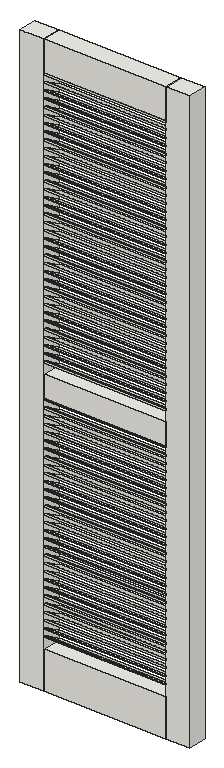
Revit family "composite-exterior-louvered-shutters", category Casework, Revit 2025
Family settings
  OmniClass Number = 23.40.35.00
  OmniClass Title = Casework
  Work Plane-Based = No
  Always vertical = Yes
  Cut with Voids When Loaded = No
  Shared = No
  Room Calculation Point = No
Parameters
  URL = "https://royalcorinthian.com/architectural-exterior-shutters/"
  Type Comments = "SHUTTERS"  # constant formula
  TOP RAIL HEIGHT = 3 1/4"
  SIDE RAIL WIDTH = 2 1/2"
  Model = "EXTERIOR LOUVERED SHUTTERS"  # constant formula
  Manufacturer = "Royal Corinthian"  # constant formula
  MATERIAL = PVC - White
  Description = "COMPOSITE EXTERIOR LOUVERED SHUTTERS"
  Depth = 2"
  Height = 62"
  Width = 18"
  Default Elevation = 0"
  CENTER RAIL LOCATION = 29"
  CENTER RAIL HEIGHT = 2 1/4"
  Bracket Height = 11 1/2"
  BOTTOM RAIL HEIGHT = 4"
Reference planes (in)
  plane 1: z = 0
  plane 2 "Center (Left/Right)": x = 1.75986
  plane 3 "Top": z = 62
  plane 4: y = -10.47093
  plane 5: y = -9.47093
  plane 6: y = -11.47093
  plane 7: x = -7.24014
  plane 8: x = 10.75986
  plane 9: x = -4.74014
  plane 10: x = 8.25986
  plane 11: z = 29
  plane 12: z = 27.875
  plane 13: z = 30.125
  plane 14: z = 4
  plane 15: z = 58.75
Dimensions and locks (in)
  "Height": level to plane 3 "Top"
  equal spacing: plane 5, plane 4, plane 6
  "Depth": plane 5 to plane 6
  "Width": plane 7 to plane 8
  equal spacing: plane 7, plane 2 "Center (Left/Right)", plane 8
  "SIDE RAIL WIDTH": plane 7 to plane 9
  "SIDE RAIL WIDTH": plane 10 to plane 8
  "CENTER RAIL LOCATION": plane 11 to plane 1
  equal spacing: plane 13, plane 11, plane 12, locked at 1.125 each
  locked: plane 3 "Top" to plane 15 at 3.25
  locked: plane 14 to plane 1 at 4
  "CENTER RAIL HEIGHT": plane 13 to plane 12
  aligned and locked: level to plane 1
  aligned and locked: plane 7 to nested 1
  aligned and locked: nested 2 to plane 8
  aligned and locked: nested 1 to plane 7
  aligned and locked: plane 4 to nested 3
  aligned and locked: nested 3 to plane 9
  aligned and locked: nested 3 to plane 11
  aligned and locked: nested 4 to plane 3 "Top"
  aligned and locked: nested 5 to plane 1
  aligned and locked: plane 10 to nested 5
  aligned and locked: plane 10 to nested 3
  aligned and locked: plane 10 to nested 4
  aligned and locked: nested 7 to plane 6
  aligned and locked: nested 6 to plane 6
  aligned and locked: plane 13 to nested 3
  aligned and locked: plane 14 to nested 5
  aligned and locked: plane 15 to nested 7
  aligned and locked: plane 10 to nested 7
  aligned and locked: nested 7 to plane 9
  aligned and locked: plane 12 to nested 6
  aligned and locked: plane 10 to nested 6
  aligned and locked: nested 6 to plane 9
  aligned and locked: plane 14 to nested 6
  aligned and locked: plane 13 to nested 7
Nested families (in)
  nested 1: "SIDES-HEADS" at (-7.75, 0.37117, 0), DEPTH <- "Depth", Height <- "Height", WIDTH <- "SIDE RAIL WIDTH", MATERIAL <- "MATERIAL", type "SIDES-HEADS 3"
    with WIDTH 2 1/2", MATERIAL PVC - White, Height 62", DEPTH 2"
  nested 2: "SIDES-HEADS" at (7.75, 0.37117, 0), DEPTH <- "Depth", Height <- "Height", WIDTH <- "SIDE RAIL WIDTH", MATERIAL <- "MATERIAL", type "SIDES-HEADS 3"
    with WIDTH 2 1/2", MATERIAL PVC - White, Height 62", DEPTH 2"
  nested 3: "SIDES-HEADS" at (-4.74014, 0.37117, 30.75986) x (0, 0, -1) z (1, 0, 0), DEPTH <- "Depth", WIDTH <- "CENTER RAIL HEIGHT", MATERIAL <- "MATERIAL", type "SIDES-HEADS 3"
    with WIDTH 2 1/4", MATERIAL PVC - White, Height 13", DEPTH 2"
  nested 4: "SIDES-HEADS" at (-4.74014, 0.37117, 62.13486) x (0, 0, -1) z (1, 0, 0), DEPTH <- "Depth", WIDTH <- "TOP RAIL HEIGHT", MATERIAL <- "MATERIAL", type "SIDES-HEADS 3"
    with WIDTH 3 1/4", MATERIAL PVC - White, Height 13", DEPTH 2"
  nested 5: "SIDES-HEADS" at (-4.74014, 0.37117, 3.75986) x (0, 0, -1) z (1, 0, 0), DEPTH <- "Depth", WIDTH <- "BOTTOM RAIL HEIGHT", MATERIAL <- "MATERIAL", type "SIDES-HEADS 3"
    with WIDTH 4", MATERIAL PVC - White, Height 13", DEPTH 2"
  nested 6: "shutter_parametric" at (1.75986, -10.47093, 25.24705), MATERIAL <- "MATERIAL", type "shutter_parametric"
    with w 13", n 30, h 23 7/8", MATERIAL PVC - White
  nested 7: "shutter_parametric" at (1.75986, -10.47093, 53.78642), MATERIAL <- "MATERIAL", type "shutter_parametric"
    with w 13", n 36, h 28.70374", MATERIAL PVC - White
Definition of nested family "SIDES-HEADS"
  Parameters (values of type "SIDES-HEADS")
    WIDTH [instance] = 13.1305"
    MATERIAL [instance] = none
    Depth = 2"  # constant formula
    Height [instance] = 66.14173"
    Width = 0.07874"
    Default Elevation = 48"
    DEPTH [instance] = 0.57029"
  Types (4): name | WIDTH | Height | Width | DEPTH
    SIDES-HEADS | 13.1305" | 66.14173" | 0.07874" | 0.57029"
    SIDES-HEADS 4 | 12.92126" | 4" | 3.93701" | 7.30373"
    SIDES-HEADS 3 | 12.92126" | 4" | 2.53937" | 7.30373"
    SIDES-HEADS 2 | 12.92126" | 4" | 12.92126" | 7.30373"
  Reference planes (in)
    plane 1: z = 0
    plane 2 "Center (Left/Right)": x = 1.75986
    plane 3: z = 4
    plane 4: y = -10.84209
    plane 5: x = -4.70077
    plane 6: x = 8.22049
    plane 7: y = -14.49396
    plane 8: y = -7.19023
  Forms (in)
    Extrusion 1, solid, material <- "MATERIAL"
      sketch origin (0, 0, 0) x (1, 0, 0) y (0, 1, 0)
        loop
          line (-4.70077, -14.49396) -> (8.22049, -14.49396) -> (8.22049, -7.19023) -> (-4.70077, -7.19023) -> (-4.70077, -14.49396)
      from 0 to 4
  Lines and regions (in)
    model lines, not visible
      curve 1: line (7.18925, 143.95917, 0) -> (7.18925, 143.15137, 0)
      curve 2: line (7.18925, 143.15137, 0) -> (-5.31665, 143.15137, 0)
      curve 3: line (-5.31665, 143.15137, 0) -> (-5.31665, 143.95917, 0)
      curve 4: line (-4.92295, 31.95917, 0) -> (-4.92295, 44.07613, 0)
      curve 5: line (-4.92295, 44.07613, 0) -> (-4.3324, 44.68198, 0)
      curve 6: line (6.89398, 143.15137, 0) -> (6.88503, 143.05512, 0)
      curve 7: line (6.88503, 143.05512, 0) -> (6.86552, 142.96052, 0)
      curve 8: line (6.86552, 142.96052, 0) -> (6.8357, 142.8688, 0)
      curve 9: line (6.8357, 142.8688, 0) -> (6.79596, 142.78112, 0)
      curve 10: line (6.79596, 142.78112, 0) -> (6.7468, 142.69863, 0)
      curve 11: line (6.7468, 142.69863, 0) -> (6.68885, 142.62237, 0)
      curve 12: line (6.68885, 142.62237, 0) -> (6.62287, 142.55333, 0)
      curve 13: line (6.62287, 142.55333, 0) -> (6.54969, 142.49239, 0)
      curve 14: line (6.54969, 142.49239, 0) -> (6.47027, 142.44034, 0)
      curve 15: line (6.47027, 142.44034, 0) -> (6.38561, 142.39784, 0)
      curve 16: line (6.38561, 142.39784, 0) -> (6.29681, 142.36545, 0)
      curve 17: line (6.29681, 142.36545, 0) -> (6.205, 142.34357, 0)
      curve 18: line (6.205, 142.34357, 0) -> (-4.3324, 142.34357, 0)
      curve 19: line (-4.3324, 142.34357, 0) -> (-4.4242, 142.36545, 0)
      curve 20: line (-4.4242, 142.36545, 0) -> (-4.51301, 142.39784, 0)
      curve 21: line (-4.51301, 142.39784, 0) -> (-4.59766, 142.44034, 0)
      curve 22: line (-4.59766, 142.44034, 0) -> (-4.67709, 142.49239, 0)
      curve 23: line (-4.67709, 142.49239, 0) -> (-4.75027, 142.55333, 0)
      curve 24: line (-4.75027, 142.55333, 0) -> (-4.81625, 142.62237, 0)
      curve 25: line (-4.81625, 142.62237, 0) -> (-4.87419, 142.69863, 0)
      curve 26: line (-4.87419, 142.69863, 0) -> (-4.92335, 142.78112, 0)
      curve 27: line (-4.92335, 142.78112, 0) -> (-4.9631, 142.8688, 0)
      curve 28: line (-4.9631, 142.8688, 0) -> (-4.99292, 142.96052, 0)
      curve 29: line (-4.99292, 142.96052, 0) -> (-5.01243, 143.05512, 0)
      curve 30: line (-5.01243, 143.05512, 0) -> (-5.02138, 143.15137, 0)
      curve 31: line (6.79555, 31.95917, 0) -> (6.79555, 44.07613, 0)
      curve 32: line (6.79555, 44.07613, 0) -> (6.205, 44.68198, 0)
      curve 33: line (6.205, 44.68198, 0) -> (-4.3324, 44.68198, 0)
      curve 34: line (-4.3324, 44.68198, 0) -> (-4.45977, 44.69918, 0)
      curve 35: line (-4.45977, 44.69918, 0) -> (-4.57846, 44.74962, 0)
      curve 36: line (-4.57846, 44.74962, 0) -> (-4.68038, 44.82985, 0)
      curve 37: line (-4.68038, 44.82985, 0) -> (-4.75859, 44.93442, 0)
      curve 38: line (-4.75859, 44.93442, 0) -> (-4.80776, 45.05618, 0)
      curve 39: line (-4.80776, 45.05618, 0) -> (-4.82453, 45.18685, 0)
      curve 40: line (-4.82453, 45.18685, 0) -> (-4.80776, 45.31753, 0)
      curve 41: line (-4.80776, 45.31753, 0) -> (-4.75859, 45.43929, 0)
      curve 42: line (-4.75859, 45.43929, 0) -> (-4.68038, 45.54385, 0)
      curve 43: line (-4.68038, 45.54385, 0) -> (-4.57846, 45.62409, 0)
      curve 44: line (-4.57846, 45.62409, 0) -> (-4.45977, 45.67452, 0)
      curve 45: line (-4.45977, 45.67452, 0) -> (-4.3324, 45.69173, 0)
      curve 46: line (-4.3324, 45.69173, 0) -> (6.205, 45.69173, 0)
      curve 47: line (6.205, 45.69173, 0) -> (6.33237, 45.67452, 0)
      curve 48: line (6.33237, 45.67452, 0) -> (6.45107, 45.62409, 0)
      curve 49: line (6.45107, 45.62409, 0) -> (6.55299, 45.54385, 0)
      curve 50: line (6.55299, 45.54385, 0) -> (6.6312, 45.43929, 0)
      curve 51: line (6.6312, 45.43929, 0) -> (6.68036, 45.31753, 0)
      curve 52: line (6.68036, 45.31753, 0) -> (6.69713, 45.18685, 0)
      curve 53: line (6.69713, 45.18685, 0) -> (6.68036, 45.05618, 0)
      curve 54: line (6.68036, 45.05618, 0) -> (6.6312, 44.93442, 0)
      curve 55: line (6.6312, 44.93442, 0) -> (6.55299, 44.82985, 0)
      curve 56: line (6.205, 135.47729, 0) -> (-4.3324, 135.47729, 0)
      curve 57: line (-4.3324, 135.47729, 0) -> (-4.43575, 135.48257, 0)
      curve 58: line (-4.43575, 135.48257, 0) -> (-4.5375, 135.50195, 0)
      curve 59: line (-4.5375, 135.50195, 0) -> (-4.63581, 135.53507, 0)
      curve 60: line (-4.63581, 135.53507, 0) -> (-4.72895, 135.58134, 0)
      curve 61: line (-4.72895, 135.58134, 0) -> (-4.81523, 135.63995, 0)
      curve 62: line (-4.81523, 135.63995, 0) -> (-4.89313, 135.70983, 0)
      curve 63: line (-4.89313, 135.70983, 0) -> (-4.96125, 135.78975, 0)
      curve 64: line (-4.96125, 135.78975, 0) -> (-5.01838, 135.87827, 0)
      curve 65: line (-5.01838, 135.87827, 0) -> (-5.06348, 135.97381, 0)
      curve 66: line (-5.06348, 135.97381, 0) -> (-5.09577, 136.07468, 0)
      curve 67: line (-5.09577, 136.07468, 0) -> (-5.11465, 136.17906, 0)
      curve 68: line (-5.11465, 136.17906, 0) -> (-5.1198, 136.28509, 0)
      curve 69: line (-5.1198, 136.28509, 0) -> (6.9924, 136.28509, 0)
      curve 70: line (6.9924, 136.28509, 0) -> (6.98725, 136.17906, 0)
      curve 71: line (6.98725, 136.17906, 0) -> (6.96837, 136.07468, 0)
      curve 72: line (6.96837, 136.07468, 0) -> (6.93609, 135.97381, 0)
      curve 73: line (6.93609, 135.97381, 0) -> (6.89098, 135.87827, 0)
      curve 74: line (6.89098, 135.87827, 0) -> (6.83386, 135.78975, 0)
      curve 75: line (6.83386, 135.78975, 0) -> (6.76574, 135.70983, 0)
      curve 76: line (6.76574, 135.70983, 0) -> (6.68784, 135.63995, 0)
      curve 77: line (6.68784, 135.63995, 0) -> (6.60155, 135.58134, 0)
      curve 78: line (6.60155, 135.58134, 0) -> (6.50842, 135.53507, 0)
      curve 79: line (6.50842, 135.53507, 0) -> (6.4101, 135.50195, 0)
      curve 80: line (6.4101, 135.50195, 0) -> (6.30836, 135.48257, 0)
      curve 81: line (6.30836, 135.48257, 0) -> (6.205, 135.47729, 0)
      curve 82: line (6.205, 135.47729, 0) -> (6.205, 135.07339, 0)
      curve 83: line (6.205, 135.07339, 0) -> (6.15361, 135.06994, 0)
      curve 84: line (6.15361, 135.06994, 0) -> (6.10311, 135.05963, 0)
      curve 85: line (6.10311, 135.05963, 0) -> (6.05434, 135.04265, 0)
      curve 86: line (6.05434, 135.04265, 0) -> (6.00815, 135.01928, 0)
      curve 87: line (6.00815, 135.01928, 0) -> (5.96533, 134.98993, 0)
      curve 88: line (5.96533, 134.98993, 0) -> (5.92661, 134.95509, 0)
      curve 89: line (5.92661, 134.95509, 0) -> (5.89266, 134.91537, 0)
      curve 90: line (5.89266, 134.91537, 0) -> (5.86405, 134.87144, 0)
      curve 91: line (5.86405, 134.87144, 0) -> (5.84127, 134.82406, 0)
      curve 92: line (5.84127, 134.82406, 0) -> (5.82472, 134.77403, 0)
      curve 93: line (5.82472, 134.77403, 0) -> (5.81467, 134.72221, 0)
      curve 94: line (5.81467, 134.72221, 0) -> (5.8113, 134.66949, 0)
      curve 95: line (5.8113, 134.66949, 0) -> (5.8113, 46.49953, 0)
      curve 96: line (5.8113, 46.49953, 0) -> (5.81467, 46.44681, 0)
      curve 97: line (5.81467, 46.44681, 0) -> (5.82472, 46.39499, 0)
      curve 98: line (5.82472, 46.39499, 0) -> (5.84127, 46.34496, 0)
      curve 99: line (5.84127, 46.34496, 0) -> (5.86405, 46.29758, 0)
      curve 100: line (5.86405, 46.29758, 0) -> (5.89266, 46.25365, 0)
      curve 101: line (5.89266, 46.25365, 0) -> (5.92661, 46.21393, 0)
      curve 102: line (5.92661, 46.21393, 0) -> (5.96533, 46.17909, 0)
      curve 103: line (5.96533, 46.17909, 0) -> (6.00815, 46.14974, 0)
      curve 104: line (6.00815, 46.14974, 0) -> (6.05434, 46.12637, 0)
      curve 105: line (6.05434, 46.12637, 0) -> (6.10311, 46.10939, 0)
      curve 106: line (6.10311, 46.10939, 0) -> (6.15361, 46.09908, 0)
      curve 107: line (6.15361, 46.09908, 0) -> (6.205, 46.09563, 0)
      curve 108: line (6.205, 46.09563, 0) -> (-4.3324, 46.09563, 0)
      curve 109: line (-4.3324, 46.09563, 0) -> (-4.3324, 45.69173, 0)
      curve 110: line (6.55299, 44.82985, 0) -> (6.45107, 44.74962, 0)
      curve 111: line (6.45107, 44.74962, 0) -> (6.33237, 44.69918, 0)
      curve 112: line (6.33237, 44.69918, 0) -> (6.205, 44.68198, 0)
      curve 113: line (6.205, 135.07339, 0) -> (-4.3324, 135.07339, 0)
      curve 114: line (-4.3324, 135.07339, 0) -> (-4.3324, 135.47729, 0)
      curve 115: line (6.205, 142.34357, 0) -> (6.205, 141.93967, 0)
      curve 116: line (6.205, 141.93967, 0) -> (-4.3324, 141.93967, 0)
      curve 117: line (-4.3324, 141.93967, 0) -> (-4.3324, 142.34357, 0)
      curve 118: line (-4.3324, 46.09563, 0) -> (-4.28101, 46.09908, 0)
      curve 119: line (-4.28101, 46.09908, 0) -> (-4.2305, 46.10939, 0)
      curve 120: line (-4.2305, 46.10939, 0) -> (-4.18174, 46.12637, 0)
      curve 121: line (-4.18174, 46.12637, 0) -> (-4.13555, 46.14974, 0)
      curve 122: line (-4.13555, 46.14974, 0) -> (-4.09273, 46.17909, 0)
      curve 123: line (-4.09273, 46.17909, 0) -> (-4.05401, 46.21393, 0)
      curve 124: line (-4.05401, 46.21393, 0) -> (-4.02006, 46.25365, 0)
      curve 125: line (-4.02006, 46.25365, 0) -> (-3.99144, 46.29758, 0)
      curve 126: line (-3.99144, 46.29758, 0) -> (-3.96867, 46.34496, 0)
      curve 127: line (-3.96867, 46.34496, 0) -> (-3.95211, 46.39499, 0)
      curve 128: line (-3.95211, 46.39499, 0) -> (-3.94207, 46.44681, 0)
      curve 129: line (6.205, 45.69173, 0) -> (6.205, 46.09563, 0)
      curve 130: line (-3.94207, 46.44681, 0) -> (-3.9387, 46.49953, 0)
      curve 131: line (-3.9387, 46.49953, 0) -> (-3.9387, 134.66949, 0)
      curve 132: line (-3.9387, 134.66949, 0) -> (-3.94207, 134.72221, 0)
      curve 133: line (-3.94207, 134.72221, 0) -> (-3.95211, 134.77403, 0)
      curve 134: line (-3.95211, 134.77403, 0) -> (-3.96867, 134.82406, 0)
      curve 135: line (-3.96867, 134.82406, 0) -> (-3.99144, 134.87144, 0)
      curve 136: line (-3.99144, 134.87144, 0) -> (-4.02006, 134.91537, 0)
      curve 137: line (-4.02006, 134.91537, 0) -> (-4.05401, 134.95509, 0)
      curve 138: line (-4.05401, 134.95509, 0) -> (-4.09273, 134.98993, 0)
      curve 139: line (-4.09273, 134.98993, 0) -> (-4.13555, 135.01928, 0)
      curve 140: line (-4.13555, 135.01928, 0) -> (-4.18174, 135.04265, 0)
      curve 141: line (-4.18174, 135.04265, 0) -> (-4.2305, 135.05963, 0)
      curve 142: line (-4.2305, 135.05963, 0) -> (-4.28101, 135.06994, 0)
      curve 143: line (-4.28101, 135.06994, 0) -> (-4.3324, 135.07339, 0)
      curve 144: line (6.205, 141.93967, 0) -> (6.15361, 141.93622, 0)
      curve 145: line (6.15361, 141.93622, 0) -> (6.10311, 141.92591, 0)
      curve 146: line (6.10311, 141.92591, 0) -> (6.05434, 141.90893, 0)
      curve 147: line (6.05434, 141.90893, 0) -> (6.00815, 141.88556, 0)
      curve 148: line (6.00815, 141.88556, 0) -> (5.96533, 141.85621, 0)
      curve 149: line (-3.9387, 136.28509, 0) -> (-3.9387, 141.53577, 0)
      curve 150: line (-3.9387, 141.53577, 0) -> (-3.94207, 141.58849, 0)
      curve 151: line (-3.94207, 141.58849, 0) -> (-3.95211, 141.64031, 0)
      curve 152: line (-3.95211, 141.64031, 0) -> (-3.96867, 141.69034, 0)
      curve 153: line (-3.96867, 141.69034, 0) -> (-3.99144, 141.73772, 0)
      curve 154: line (-3.99144, 141.73772, 0) -> (-4.02006, 141.78165, 0)
      curve 155: line (-4.02006, 141.78165, 0) -> (-4.05401, 141.82137, 0)
      curve 156: line (-4.05401, 141.82137, 0) -> (-4.09273, 141.85621, 0)
      curve 157: line (-4.09273, 141.85621, 0) -> (-4.13555, 141.88556, 0)
      curve 158: line (-4.13555, 141.88556, 0) -> (-4.18174, 141.90893, 0)
      curve 159: line (-4.18174, 141.90893, 0) -> (-4.2305, 141.92591, 0)
      curve 160: line (-4.2305, 141.92591, 0) -> (-4.28101, 141.93622, 0)
      curve 161: line (-4.28101, 141.93622, 0) -> (-4.3324, 141.93967, 0)
      curve 162: line (5.8113, 136.28509, 0) -> (5.8113, 141.53577, 0)
      curve 163: line (5.8113, 141.53577, 0) -> (5.81467, 141.58849, 0)
      curve 164: line (5.81467, 141.58849, 0) -> (5.82472, 141.64031, 0)
      curve 165: line (5.82472, 141.64031, 0) -> (5.84127, 141.69034, 0)
      curve 166: line (5.84127, 141.69034, 0) -> (5.86405, 141.73772, 0)
      curve 167: line (5.86405, 141.73772, 0) -> (5.89266, 141.78165, 0)
      curve 168: line (5.89266, 141.78165, 0) -> (5.92661, 141.82137, 0)
      curve 169: line (5.92661, 141.82137, 0) -> (5.96533, 141.85621, 0)
      curve 170: line (-5.31665, 143.95917, 0) -> (7.18925, 143.95917, 0)
      curve 171: line (-4.92295, 31.95917, 0) -> (6.79555, 31.95917, 0)
  Dimensions and locks (in)
    "Height": plane 3 to plane 1
    "DEPTH": plane 7 to plane 8
    "WIDTH": plane 5 to plane 6
    equal spacing: plane 5, plane 2 "Center (Left/Right)", plane 6
    equal spacing: plane 7, plane 4, plane 8
    aligned and locked: level to plane 1
    aligned and locked: Extrusion 1 to plane 7
    aligned and locked: plane 8 to Extrusion 1
    aligned and locked: Extrusion 1 sketch curve to plane 5
    aligned and locked: plane 7 to Extrusion 1 sketch curve
    aligned and locked: plane 6 to Extrusion 1 sketch curve
    aligned and locked: plane 8 to Extrusion 1 sketch curve
    aligned and locked: plane 3 to Extrusion 1
Definition of nested family "shutter_parametric"
  Parameters (values of type "shutter_parametric (1)")
    w [instance] = 13"
    n [instance] = h / 0.7874"  # 36
    h [instance] = 28 5/8"
    MATERIAL [instance] = none
    Default Elevation = 0"
  Types (2): name
    shutter_parametric (1)
    shutter_parametric (1) 2
  Reference planes (in)
    plane 1 "Center (Front/Back)": y = 0
    plane 2: z = -9.30955
    plane 3 "Center (Left/Right)": x = 0
    plane 4: x = -6.5
    plane 5: x = 6.5
    plane 6: z = 5.00295
    plane 7: z = -23.62205
  Dimensions and locks (in)
    equal spacing: plane 4, plane 3 "Center (Left/Right)", plane 5
    "w": plane 4 to plane 5
    equal spacing: plane 6, plane 2, plane 7
    equal spacing: group 1, group 3, group 4, group 5, group 6, group 7, group 8, group 9, group 10, group 11, group 12, group 13, group 14, group 15, group 16, group 17, group 18, group 19, group 20, group 21, group 22, group 23, group 24, group 25, group 26, group 27, group 28, group 29, group 30, group 31, group 32, group 33, group 34, group 35, group 36, group 2  (x3)
    "h": plane 6 to plane 7
    aligned and locked: plane 4 to nested 1
    aligned and locked: nested 1 to plane 5
    aligned and locked: plane 7 to nested 1
    aligned and locked: nested 2 to plane 6
  Nested families (in)
    nested 1: "shutters" at (0, 0, -22.96763), w <- "w", MATERIAL <- "MATERIAL", type "shutters"
      with w 13"
    nested 2: "shutters" at (0, 0, 4.31004), w <- "w", MATERIAL <- "MATERIAL", type "shutters"
      with w 13"
    nested 3: "shutters" at (0, 0, -22.18827), w <- "w", MATERIAL <- "MATERIAL", type "shutters"
      with w 13"
    nested 4: "shutters" at (0, 0, -21.40891), w <- "w", MATERIAL <- "MATERIAL", type "shutters"
      with w 13"
    nested 5: "shutters" at (0, 0, -20.62955), w <- "w", MATERIAL <- "MATERIAL", type "shutters"
      with w 13"
    nested 6: "shutters" at (0, 0, -19.85018), w <- "w", MATERIAL <- "MATERIAL", type "shutters"
      with w 13"
    nested 7: "shutters" at (0, 0, -19.07082), w <- "w", MATERIAL <- "MATERIAL", type "shutters"
      with w 13"
    nested 8: "shutters" at (0, 0, -18.29146), w <- "w", MATERIAL <- "MATERIAL", type "shutters"
      with w 13"
    nested 9: "shutters" at (0, 0, -17.5121), w <- "w", MATERIAL <- "MATERIAL", type "shutters"
      with w 13"
    nested 10: "shutters" at (0, 0, -16.73274), w <- "w", MATERIAL <- "MATERIAL", type "shutters"
      with w 13"
    nested 11: "shutters" at (0, 0, -15.95337), w <- "w", MATERIAL <- "MATERIAL", type "shutters"
      with w 13"
    nested 12: "shutters" at (0, 0, -15.17401), w <- "w", MATERIAL <- "MATERIAL", type "shutters"
      with w 13"
    nested 13: "shutters" at (0, 0, -14.39465), w <- "w", MATERIAL <- "MATERIAL", type "shutters"
      with w 13"
    nested 14: "shutters" at (0, 0, -13.61529), w <- "w", MATERIAL <- "MATERIAL", type "shutters"
      with w 13"
    nested 15: "shutters" at (0, 0, -12.83593), w <- "w", MATERIAL <- "MATERIAL", type "shutters"
      with w 13"
    nested 16: "shutters" at (0, 0, -12.05656), w <- "w", MATERIAL <- "MATERIAL", type "shutters"
      with w 13"
    nested 17: "shutters" at (0, 0, -11.2772), w <- "w", MATERIAL <- "MATERIAL", type "shutters"
      with w 13"
    nested 18: "shutters" at (0, 0, -10.49784), w <- "w", MATERIAL <- "MATERIAL", type "shutters"
      with w 13"
    nested 19: "shutters" at (0, 0, -9.71848), w <- "w", MATERIAL <- "MATERIAL", type "shutters"
      with w 13"
    nested 20: "shutters" at (0, 0, -8.93912), w <- "w", MATERIAL <- "MATERIAL", type "shutters"
      with w 13"
    nested 21: "shutters" at (0, 0, -8.15975), w <- "w", MATERIAL <- "MATERIAL", type "shutters"
      with w 13"
    nested 22: "shutters" at (0, 0, -7.38039), w <- "w", MATERIAL <- "MATERIAL", type "shutters"
      with w 13"
    nested 23: "shutters" at (0, 0, -6.60103), w <- "w", MATERIAL <- "MATERIAL", type "shutters"
      with w 13"
    nested 24: "shutters" at (0, 0, -5.82167), w <- "w", MATERIAL <- "MATERIAL", type "shutters"
      with w 13"
    nested 25: "shutters" at (0, 0, -5.0423), w <- "w", MATERIAL <- "MATERIAL", type "shutters"
      with w 13"
    nested 26: "shutters" at (0, 0, -4.26294), w <- "w", MATERIAL <- "MATERIAL", type "shutters"
      with w 13"
    nested 27: "shutters" at (0, 0, -3.48358), w <- "w", MATERIAL <- "MATERIAL", type "shutters"
      with w 13"
    nested 28: "shutters" at (0, 0, -2.70422), w <- "w", MATERIAL <- "MATERIAL", type "shutters"
      with w 13"
    nested 29: "shutters" at (0, 0, -1.92486), w <- "w", MATERIAL <- "MATERIAL", type "shutters"
      with w 13"
    nested 30: "shutters" at (0, 0, -1.14549), w <- "w", MATERIAL <- "MATERIAL", type "shutters"
      with w 13"
    nested 31: "shutters" at (0, 0, -0.36613), w <- "w", MATERIAL <- "MATERIAL", type "shutters"
      with w 13"
    nested 32: "shutters" at (0, 0, 0.41323), w <- "w", MATERIAL <- "MATERIAL", type "shutters"
      with w 13"
    nested 33: "shutters" at (0, 0, 1.19259), w <- "w", MATERIAL <- "MATERIAL", type "shutters"
      with w 13"
    nested 34: "shutters" at (0, 0, 1.97195), w <- "w", MATERIAL <- "MATERIAL", type "shutters"
      with w 13"
    nested 35: "shutters" at (0, 0, 2.75132), w <- "w", MATERIAL <- "MATERIAL", type "shutters"
      with w 13"
    nested 36: "shutters" at (0, 0, 3.53068), w <- "w", MATERIAL <- "MATERIAL", type "shutters"
      with w 13"
  Definition of nested family "shutters"
    Parameters (values of type "shutters")
      w [instance] = 16.45193"
      MATERIAL [instance] = none
      Default Elevation = 0"
    Reference planes (in)
      plane 1 "Center (Front/Back)": y = 0
      plane 2: z = 0
      plane 3 "Center (Left/Right)": x = 0
      plane 4: x = -8.22597
      plane 5: x = 8.22597
      plane 6: z = -0.57568
      plane 7: z = 0.61417
      plane 8: z = 0.69291
      plane 9: z = -0.65442
    Forms (in)
      Extrusion 1, solid, material <- "MATERIAL"
        sketch origin (0, 0, 0.11417) x (0, 1, 0) y (0, 0, 1)
          loop
            line (1, -0.57735) -> (-0.86603, 0.5) -> (-1, 0.5) -> (-1, 0.35005) -> (0.80115, -0.68985) -> (1, -0.68985) -> (1, -0.57735)
        from -8.22597 to 8.22597
    Dimensions and locks (in)
      equal spacing: plane 5, plane 3 "Center (Left/Right)", plane 4
      "w": plane 5 to plane 4
      aligned and locked: level to plane 2
      aligned and locked: Extrusion 1 to plane 4
      aligned and locked: plane 5 to Extrusion 1
    Automatic sketch dimensions
      level to Extrusion 1 sketch curve = 0.46422"
      plane 1 "Center (Front/Back)" to Extrusion 1 sketch curve = 1"
      Extrusion 1 sketch curve to Extrusion 1 sketch curve = 0.13397"
      Extrusion 1 sketch curve to plane 1 "Center (Front/Back)" = 0.80115"
      Extrusion 1 sketch curve to Extrusion 1 sketch curve = 0.19885"
      Extrusion 1 sketch curve to level = 0.46318"
      Extrusion 1 sketch curve to Extrusion 1 sketch curve = 0.1125"
      Extrusion 1 sketch curve to Extrusion 1 sketch curve = 0.14995"
